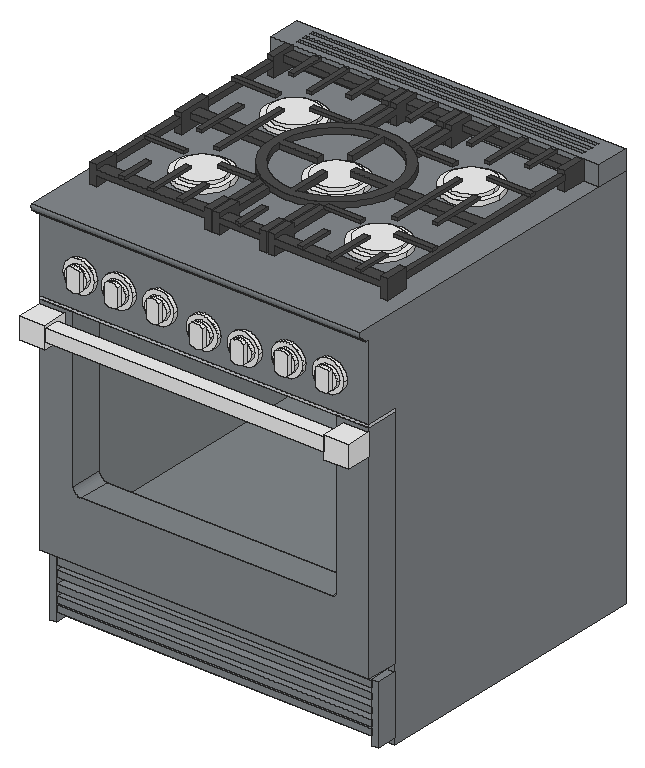
Revit family "DCS_SDA_Data_Sheet_RDV2-305_Range_ISSUE1 IMPERIAL", category Specialty Equipment, Revit 2015
Parameters
  URL = "www.yepsketch.com"
  Model = "DCS_SDA_Data_Sheet_RDV2-305_Range_ISSUE1"
  Manufacturer = "Fisher & paykel"
  Description = "D20 20000"
  Author = "Yepsketch"
Reference planes (in)
  plane 1 "Center (Front/Back)": y = 0
  plane 2: z = 0
  plane 3 "Center (Left/Right)": x = 0
  plane 4: x = 29.875
  plane 5: y = 29.125
  plane 6: z = 35.25
  plane 7: z = 37
Forms (in)
  Extrusion 1, solid, material "GRAY"
    sketch origin (0, 0, 0) x (1, 0, 0) y (0, 1, 0)
      loop
        line (0, 29.125) -> (0, 0) -> (29.875, 0) -> (29.875, 29.125) -> (0, 29.125)
    from 0 to 35.25
  Extrusion 2, solid, material "GRAY"
    sketch origin (0, 0, 0) x (1, 0, 0) y (0, 1, 0)
      loop
        line (0, 29.125) -> (0, 26.15613) -> (29.875, 26.15613) -> (29.875, 29.125) -> (0, 29.125)
      loop
        line (1.91543, 28.56292) -> (1.91543, 28.20852) -> (27.91543, 28.20852) -> (27.91543, 28.56292) -> (1.91543, 28.56292)
      loop
        line (1.91543, 27.81292) -> (1.91543, 27.45852) -> (27.91543, 27.45852) -> (27.91543, 27.81292) -> (1.91543, 27.81292)
      loop
        line (1.91543, 27.06292) -> (1.91543, 26.70852) -> (27.91543, 26.70852) -> (27.91543, 27.06292) -> (1.91543, 27.06292)
    from 35.25 to 37
  Extrusion 3, void
    sketch origin (0, 0, 0) x (0, 1, 0) y (0, 0, 1)
      loop
        line (0, 27.36615) -> (0, 0) -> (2.93348, 0) -> (2.93348, 27.36615) -> (0, 27.36615)
    from 0 to 29.875
  Extrusion 4, solid
    sketch origin (0, 0, 0) x (1, 0, 0) y (0, 0, 1)
      loop
        line (0, 27.36615) -> (0, 27.14809) -> (29.875, 27.14809) -> (29.875, 27.36615) -> (0, 27.36615)
    from -2.93348 to 0
  Extrusion 5, solid, material "GRAY"
    sketch origin (0, 0, 0) x (1, 0, 0) y (0, 0, 1)
      loop
        line (0, 27.14809) -> (0, 6.64671) -> (29.875, 6.64671) -> (29.875, 27.14809) -> (26.98744, 27.14809) -> (26.98744, 12.72131)
        arc (26.98744, 12.72131) -> (26.83211, 12.34631) -> (26.45711, 12.19098) r 0.53033
        line (26.45711, 12.19098) -> (3.70711, 12.19098)
        arc (3.70711, 12.19098) -> (3.20711, 12.39809) -> (3, 12.89809) r 0.70711
        line (3, 12.89809) -> (3, 27.14809) -> (0, 27.14809)
    from -2.93348 to 0
  Extrusion 6, void
    sketch origin (0, 0, 0) x (1, 0, 0) y (0, 0, 1)
      loop
        line (0.47745, 26.75661) -> (0.47745, 7.25661) -> (29.22745, 7.25661) -> (29.22745, 26.75661) -> (0.47745, 26.75661)
    from -28.20852 to 6
  Extrusion 7, solid, material "METAL BLACK"
    sketch origin (0, 0, 0) x (1, 0, 0) y (0, 1, 0)
      loop
        line (1.40131, 26.15613) -> (1.40131, 24.04935) -> (2.00207, 24.04935) -> (2.00207, 26.15613) -> (1.40131, 26.15613)
      loop
        line (1.40131, 16.54852) -> (1.40131, 13.54852) -> (2.00207, 13.54852) -> (2.00207, 16.54852) -> (1.40131, 16.54852)
      loop
        line (1.40131, 6.0379) -> (1.40131, 3.93112) -> (2.00207, 3.93112) -> (2.00207, 6.0379) -> (1.40131, 6.0379)
      loop
        line (11.82932, 26.15613) -> (11.82932, 24.04935) -> (12.43009, 24.04935) -> (12.43009, 26.15613) -> (11.82932, 26.15613)
      loop
        line (11.82932, 6.0379) -> (11.82932, 3.93112) -> (12.43009, 3.93112) -> (12.43009, 6.0379) -> (11.82932, 6.0379)
      loop
        line (12.57932, 26.15613) -> (12.57932, 24.04935) -> (13.18009, 24.04935) -> (13.18009, 26.15613) -> (12.57932, 26.15613)
      loop
        line (12.57932, 6.0379) -> (12.57932, 3.93112) -> (13.18009, 3.93112) -> (13.18009, 6.0379) -> (12.57932, 6.0379)
      loop
        line (16.82932, 26.15613) -> (16.82932, 24.04935) -> (17.43009, 24.04935) -> (17.43009, 26.15613) -> (16.82932, 26.15613)
      loop
        line (16.82932, 6.0379) -> (16.82932, 3.93112) -> (17.43009, 3.93112) -> (17.43009, 6.0379) -> (16.82932, 6.0379)
      loop
        line (17.57932, 26.15613) -> (17.57932, 24.04935) -> (18.18009, 24.04935) -> (18.18009, 26.15613) -> (17.57932, 26.15613)
      loop
        line (17.57932, 6.0379) -> (17.57932, 3.93112) -> (18.18009, 3.93112) -> (18.18009, 6.0379) -> (17.57932, 6.0379)
      loop
        line (27.82932, 26.15613) -> (27.82932, 24.04935) -> (28.43009, 24.04935) -> (28.43009, 26.15613) -> (27.82932, 26.15613)
      loop
        line (27.82932, 6.0379) -> (27.82932, 3.93112) -> (28.43009, 3.93112) -> (28.43009, 6.0379) -> (27.82932, 6.0379)
    from 35.25 to 37
  Extrusion 8, solid, material "METAL BLACK"
    sketch origin (0.03125, 0, 0) x (1, 0, 0) y (0, 0, 1)
      loop
        line (1.91543, 36.62539) -> (1.40131, 36.62539) -> (1.40131, 36.125) -> (1.91543, 36.125) -> (1.91543, 36.62539)
      loop
        line (28.42955, 36.62539) -> (27.91543, 36.62539) -> (27.91543, 36.125) -> (28.42955, 36.125) -> (28.42955, 36.62539)
    from -24.04935 to -6.0379
  Extrusion 9, solid, material "METAL BLACK"
    sketch origin (0, 0, 0) x (1, 0, 0) y (0, 1, 0)
      loop
        line (2.00207, 26.15613) -> (2.00207, 25.10274) -> (11.82932, 25.10274) -> (11.82932, 26.15613) -> (2.00207, 26.15613)
      loop
        line (27.82932, 25.10274) -> (27.82932, 26.15613) -> (18.18009, 26.15613) -> (18.18009, 25.10274) -> (27.82932, 25.10274)
      loop
        line (2.00207, 15.51864) -> (2.00207, 14.51864) -> (9.25207, 14.51864) -> (9.25207, 15.51864) -> (2.00207, 15.51864)
      loop
        line (27.94668, 15.51864) -> (20.59542, 15.51864) -> (20.59542, 14.51864) -> (27.94668, 14.51864) -> (27.94668, 15.51864)
      loop
        line (2.00207, 3.93112) -> (11.82932, 3.93112) -> (11.82932, 4.98451) -> (2.00207, 4.98451) -> (2.00207, 3.93112)
      loop
        line (27.82932, 4.98451) -> (18.18009, 4.98451) -> (18.18009, 3.93112) -> (27.82932, 3.93112) -> (27.82932, 4.98451)
      loop
        line (13.18009, 26.15613) -> (13.18009, 25.10274) -> (16.82932, 25.10274) -> (16.82932, 26.15613) -> (13.18009, 26.15613)
      loop
        line (13.18009, 3.93112) -> (16.82932, 3.93112) -> (16.82932, 4.98451) -> (13.18009, 4.98451) -> (13.18009, 3.93112)
    from 36.125 to 36.62539
  Extrusion 10, solid, material "METAL BLACK"
    sketch origin (0, 0, 0) x (1, 0, 0) y (0, 1, 0)
      loop
        line (11.82932, 24.04935) -> (11.82932, 19.47598) -> (12.42631, 19.82065) -> (12.42631, 24.04935) -> (11.82932, 24.04935)
      loop
        line (12.57932, 24.04935) -> (12.57932, 19.909) -> (13.17631, 20.25366) -> (13.17631, 24.04935) -> (12.57932, 24.04935)
      loop
        line (18.18009, 24.04935) -> (17.5831, 24.04935) -> (17.5831, 19.82065) -> (18.18009, 19.47598) -> (18.18009, 24.04935)
      loop
        line (17.43009, 24.04935) -> (16.8331, 24.04935) -> (16.8331, 20.25366) -> (17.43009, 19.909) -> (17.43009, 24.04935)
      loop
        line (11.82932, 5.98793) -> (12.42631, 5.98793) -> (12.42631, 10.21663) -> (11.82932, 10.5613) -> (11.82932, 5.98793)
      loop
        line (12.57932, 5.98793) -> (13.17631, 5.98793) -> (13.17631, 9.78362) -> (12.57932, 10.12829) -> (12.57932, 5.98793)
      loop
        line (18.18009, 5.98793) -> (18.18009, 10.5613) -> (17.5831, 10.21663) -> (17.5831, 5.98793) -> (18.18009, 5.98793)
      loop
        line (17.43009, 5.98793) -> (17.43009, 10.12829) -> (16.8331, 9.78362) -> (16.8331, 5.98793) -> (17.43009, 5.98793)
    from 36.125 to 36.62539
  Extrusion 11, solid, material "METAL BLACK"
    sketch origin (0, 0, 0) x (1, 0, 0) y (0, 1, 0)
      loop
        circle (14.92374, 15.01864) r 5.75
      loop
        arc (14.7243, 20.01466) -> (11.40425, 18.57014) -> (9.92973, 15.26331) r 5
        line (9.92973, 15.26331) -> (13.4743, 15.26331) -> (13.4743, 14.72481) -> (9.93239, 14.72481)
        arc (9.93239, 14.72481) -> (11.42178, 11.44985) -> (14.7243, 10.02262) r 5
        line (14.7243, 10.02262) -> (14.7243, 13.52768) -> (15.2243, 13.52768) -> (15.2243, 10.02768)
        arc (15.2243, 10.02768) -> (18.46166, 11.48549) -> (19.9151, 14.72481) r 5
        line (19.9151, 14.72481) -> (16.4743, 14.72481) -> (16.4743, 15.26331) -> (19.91775, 15.26331)
        arc (19.91775, 15.26331) -> (18.47901, 18.53433) -> (15.2243, 20.0096) r 5
        line (15.2243, 20.0096) -> (15.2243, 16.5096) -> (14.7243, 16.5096) -> (14.7243, 20.01466)
    from 36.37551 to 36.87317
  Extrusion 12, solid, material "METAL BLACK"
    sketch origin (0, 0, 0) x (1, 0, 0) y (0, 1, 0)
      loop
        line (4.02448, 26.15613) -> (4.02448, 23.15613) -> (4.52448, 23.15613) -> (4.52448, 26.15613) -> (4.02448, 26.15613)
      loop
        line (6.65465, 26.15613) -> (6.65465, 21.90613) -> (7.15465, 21.90613) -> (7.15465, 26.15613) -> (6.65465, 26.15613)
      loop
        line (9.78483, 26.15613) -> (9.28483, 26.15613) -> (9.28483, 23.15613) -> (9.78483, 23.15613) -> (9.78483, 26.15613)
      loop
        line (4.02448, 3.94091) -> (4.52448, 3.94091) -> (4.52448, 6.94091) -> (4.02448, 6.94091) -> (4.02448, 3.94091)
      loop
        line (6.65465, 3.94091) -> (7.15465, 3.94091) -> (7.15465, 8.19091) -> (6.65465, 8.19091) -> (6.65465, 3.94091)
      loop
        line (9.78483, 3.94091) -> (9.78483, 6.94091) -> (9.28483, 6.94091) -> (9.28483, 3.94091) -> (9.78483, 3.94091)
      loop
        line (1.43256, 20.49342) -> (1.43256, 19.99342) -> (5.43256, 19.99342) -> (5.43256, 20.49342) -> (1.43256, 20.49342)
      loop
        line (11.82932, 20.49342) -> (8.48726, 20.49342) -> (8.48726, 19.99342) -> (11.82932, 19.99342) -> (11.82932, 20.49342)
      loop
        line (4.02448, 17.41645) -> (4.02448, 12.70585) -> (4.52448, 12.70585) -> (4.52448, 17.41645) -> (4.02448, 17.41645)
      loop
        line (6.65465, 18.7413) -> (6.65465, 11.4178) -> (7.15465, 11.4178) -> (7.15465, 18.7413) -> (6.65465, 18.7413)
      loop
        line (1.94668, 9.99855) -> (1.94668, 9.49855) -> (5.44668, 9.49855) -> (5.44668, 9.99855) -> (1.94668, 9.99855)
      loop
        line (11.82932, 9.99855) -> (8.51979, 9.99855) -> (8.51979, 9.49855) -> (11.82932, 9.49855) -> (11.82932, 9.99855)
      loop
        line (25.98493, 26.15613) -> (25.48493, 26.15613) -> (25.48493, 23.15613) -> (25.98493, 23.15613) -> (25.98493, 26.15613)
      loop
        line (23.35475, 26.15613) -> (22.85475, 26.15613) -> (22.85475, 21.90613) -> (23.35475, 21.90613) -> (23.35475, 26.15613)
      loop
        line (20.22458, 26.15613) -> (20.22458, 23.15613) -> (20.72458, 23.15613) -> (20.72458, 26.15613) -> (20.22458, 26.15613)
      loop
        line (25.98493, 3.94091) -> (25.98493, 6.94091) -> (25.48493, 6.94091) -> (25.48493, 3.94091) -> (25.98493, 3.94091)
      loop
        line (23.35475, 3.94091) -> (23.35475, 8.19091) -> (22.85475, 8.19091) -> (22.85475, 3.94091) -> (23.35475, 3.94091)
      loop
        line (20.22458, 3.94091) -> (20.72458, 3.94091) -> (20.72458, 6.94091) -> (20.22458, 6.94091) -> (20.22458, 3.94091)
      loop
        line (28.57685, 20.49342) -> (24.57685, 20.49342) -> (24.57685, 19.99342) -> (28.57685, 19.99342) -> (28.57685, 20.49342)
      loop
        line (18.18009, 20.49342) -> (18.18009, 19.99342) -> (21.52215, 19.99342) -> (21.52215, 20.49342) -> (18.18009, 20.49342)
      loop
        line (25.98493, 17.41645) -> (25.48493, 17.41645) -> (25.48493, 12.70585) -> (25.98493, 12.70585) -> (25.98493, 17.41645)
      loop
        line (23.35475, 18.7413) -> (22.85475, 18.7413) -> (22.85475, 11.4178) -> (23.35475, 11.4178) -> (23.35475, 18.7413)
      loop
        line (28.06273, 9.99855) -> (24.56273, 9.99855) -> (24.56273, 9.49855) -> (28.06273, 9.49855) -> (28.06273, 9.99855)
      loop
        line (18.18009, 9.99855) -> (18.18009, 9.49855) -> (21.48962, 9.49855) -> (21.48962, 9.99855) -> (18.18009, 9.99855)
      loop
        line (14.65002, 26.15613) -> (14.65002, 23.15613) -> (15.16233, 23.15613) -> (15.16233, 26.15613) -> (14.65002, 26.15613)
      loop
        line (14.65002, 3.88115) -> (15.16233, 3.88115) -> (15.16233, 6.88115) -> (14.65002, 6.88115) -> (14.65002, 3.88115)
    from 36.62539 to 36.87317
  Extrusion 13, solid, material "ALUMINIUM"
    sketch origin (0, 0, 0) x (1, 0, 0) y (0, 1, 0)
      loop
        circle (6.95991, 20.24342) r 2.5
    from 35.25 to 35.66291
  Extrusion 14, solid, material "ALUMINIUM"
    sketch origin (0, 0, 0) x (1, 0, 0) y (0, 1, 0)
      loop
        circle (6.95991, 20.24342) r 2
    from 35.66291 to 35.94025
  Extrusion 15, solid, material "ALUMINIUM"
    sketch origin (0, -10.5, 0) x (1, 0, 0) y (0, 1, 0)
      loop
        circle (6.95991, 20.24342) r 2.5
    from 35.25 to 35.66291
  Extrusion 16, solid, material "ALUMINIUM"
    sketch origin (0, -10.5, 0) x (1, 0, 0) y (0, 1, 0)
      loop
        circle (6.95991, 20.24342) r 2
    from 35.66291 to 35.94025
  Extrusion 17, solid, material "ALUMINIUM"
    sketch origin (16.07548, -10.5, 0) x (1, 0, 0) y (0, 1, 0)
      loop
        circle (6.95991, 20.24342) r 2.5
    from 35.25 to 35.66291
  Extrusion 18, solid, material "ALUMINIUM"
    sketch origin (16.07548, -10.5, 0) x (1, 0, 0) y (0, 1, 0)
      loop
        circle (6.95991, 20.24342) r 2
    from 35.66291 to 35.94025
  Extrusion 19, solid, material "ALUMINIUM"
    sketch origin (16.07548, 0, 0) x (1, 0, 0) y (0, 1, 0)
      loop
        circle (6.95991, 20.24342) r 2.5
    from 35.25 to 35.66291
  Extrusion 20, solid, material "ALUMINIUM"
    sketch origin (16.07548, 0, 0) x (1, 0, 0) y (0, 1, 0)
      loop
        circle (6.95991, 20.24342) r 2
    from 35.66291 to 35.94025
  Extrusion 21, solid, material "ALUMINIUM"
    sketch origin (7.98704, -5.24936, 0) x (1, 0, 0) y (0, 1, 0)
      loop
        circle (6.95991, 20.24342) r 2.5
    from 35.25 to 35.66291
  Extrusion 22, solid, material "ALUMINIUM"
    sketch origin (7.98704, -5.24936, 0) x (1, 0, 0) y (0, 1, 0)
      loop
        circle (6.95991, 20.24342) r 2
    from 35.66291 to 35.94025
  Extrusion 23, solid, material "BLACK"
    sketch origin (0, 0, 0) x (1, 0, 0) y (0, 0, 1)
      loop
        line (26.98744, 27.14809) -> (3, 27.14809) -> (3, 12.89809)
        arc (3, 12.89809) -> (3.20711, 12.39809) -> (3.70711, 12.19098) r 0.70711
        line (3.70711, 12.19098) -> (26.45711, 12.19098)
        arc (26.45711, 12.19098) -> (26.83211, 12.34631) -> (26.98744, 12.72131) r 0.53033
        line (26.98744, 12.72131) -> (26.98744, 27.14809)
    from -2.93348 to 0
  Extrusion 24, solid, material "ALUMINIUM"
    sketch origin (0, 0, 0) x (1, 0, 0) y (0, 0, 1)
      loop
        circle (3.76417, 30.39382) r 1.4235
    from 0 to 0.32078
  Extrusion 25, solid, material "GRAY"
    sketch origin (0, 0, 0) x (0, 1, 0) y (0, 0, 1)
      loop
        line (0, 35.25) -> (-1, 35.25)
        arc (-1, 35.25) -> (-0.99489, 34.92572) -> (-0.79409, 34.67104) r 0.50643
        line (-0.79409, 34.67104) -> (-0.36141, 34.23836) -> (0, 34.23836) -> (0, 35.25)
    from 0 to 29.875
  Extrusion 26, solid, material "ALUMINIUM"
    sketch origin (0, 0, 0) x (1, 0, 0) y (0, 0, 1)
      loop
        circle (3.76417, 30.39382) r 1
    from 0.32078 to 0.63664
  Extrusion 27, solid, material "ALUMINIUM"
    sketch origin (0, 0, 0) x (1, 0, 0) y (0, 0, 1)
      loop
        line (3.17976, 31.20529) -> (3.17976, 29.58236)
        arc (3.17976, 29.58236) -> (3.76417, 29.39382) -> (4.34857, 29.58236) r 1
        line (4.34857, 29.58236) -> (4.34857, 31.20529)
        arc (4.34857, 31.20529) -> (3.76417, 31.39382) -> (3.17976, 31.20529) r 1
    from 0.63664 to 0.98489
  Extrusion 28, solid, material "ALUMINIUM"
    sketch origin (3.5, 0, 0) x (1, 0, 0) y (0, 0, 1)
      loop
        circle (3.76417, 30.39382) r 1.4235
    from 0 to 0.32078
  Extrusion 29, solid, material "ALUMINIUM"
    sketch origin (3.5, 0, 0) x (1, 0, 0) y (0, 0, 1)
      loop
        circle (3.76417, 30.39382) r 1
    from 0.32078 to 0.63664
  Extrusion 30, solid, material "ALUMINIUM"
    sketch origin (3.5, 0, 0) x (1, 0, 0) y (0, 0, 1)
      loop
        line (3.17976, 31.20529) -> (3.17976, 29.58236)
        arc (3.17976, 29.58236) -> (3.76417, 29.39382) -> (4.34857, 29.58236) r 1
        line (4.34857, 29.58236) -> (4.34857, 31.20529)
        arc (4.34857, 31.20529) -> (3.76417, 31.39382) -> (3.17976, 31.20529) r 1
    from 0.63664 to 0.98489
  Extrusion 31, solid, material "ALUMINIUM"
    sketch origin (7.25, 0, 0) x (1, 0, 0) y (0, 0, 1)
      loop
        circle (3.76417, 30.39382) r 1.4235
    from 0 to 0.32078
  Extrusion 32, solid, material "ALUMINIUM"
    sketch origin (7.25, 0, 0) x (1, 0, 0) y (0, 0, 1)
      loop
        circle (3.76417, 30.39382) r 1
    from 0.32078 to 0.63664
  Extrusion 33, solid, material "ALUMINIUM"
    sketch origin (7.25, 0, 0) x (1, 0, 0) y (0, 0, 1)
      loop
        line (3.17976, 31.20529) -> (3.17976, 29.58236)
        arc (3.17976, 29.58236) -> (3.76417, 29.39382) -> (4.34857, 29.58236) r 1
        line (4.34857, 29.58236) -> (4.34857, 31.20529)
        arc (4.34857, 31.20529) -> (3.76417, 31.39382) -> (3.17976, 31.20529) r 1
    from 0.63664 to 0.98489
  Extrusion 34, solid, material "ALUMINIUM"
    sketch origin (11.20075, 0, -0.62574) x (1, 0, 0) y (0, 0, 1)
      loop
        circle (3.76417, 30.39382) r 1.4235
    from 0 to 0.32078
  Extrusion 35, solid, material "ALUMINIUM"
    sketch origin (11.20075, 0, -0.62574) x (1, 0, 0) y (0, 0, 1)
      loop
        circle (3.76417, 30.39382) r 1
    from 0.32078 to 0.63664
  Extrusion 36, solid, material "ALUMINIUM"
    sketch origin (11.20075, 0, -0.62574) x (1, 0, 0) y (0, 0, 1)
      loop
        line (3.17976, 31.20529) -> (3.17976, 29.58236)
        arc (3.17976, 29.58236) -> (3.76417, 29.39382) -> (4.34857, 29.58236) r 1
        line (4.34857, 29.58236) -> (4.34857, 31.20529)
        arc (4.34857, 31.20529) -> (3.76417, 31.39382) -> (3.17976, 31.20529) r 1
    from 0.63664 to 0.98489
  Extrusion 37, solid, material "ALUMINIUM"
    sketch origin (14.95075, 0, -0.62574) x (1, 0, 0) y (0, 0, 1)
      loop
        circle (3.76417, 30.39382) r 1.4235
    from 0 to 0.32078
  Extrusion 38, solid, material "ALUMINIUM"
    sketch origin (14.95075, 0, -0.62574) x (1, 0, 0) y (0, 0, 1)
      loop
        circle (3.76417, 30.39382) r 1
    from 0.32078 to 0.63664
  Extrusion 39, solid, material "ALUMINIUM"
    sketch origin (14.95075, 0, -0.62574) x (1, 0, 0) y (0, 0, 1)
      loop
        line (3.17976, 31.20529) -> (3.17976, 29.58236)
        arc (3.17976, 29.58236) -> (3.76417, 29.39382) -> (4.34857, 29.58236) r 1
        line (4.34857, 29.58236) -> (4.34857, 31.20529)
        arc (4.34857, 31.20529) -> (3.76417, 31.39382) -> (3.17976, 31.20529) r 1
    from 0.63664 to 0.98489
  Extrusion 40, solid, material "ALUMINIUM"
    sketch origin (18.92094, 0, -0.13826) x (1, 0, 0) y (0, 0, 1)
      loop
        circle (3.76417, 30.39382) r 1.4235
    from 0 to 0.32078
  Extrusion 41, solid, material "ALUMINIUM"
    sketch origin (18.92094, 0, -0.13826) x (1, 0, 0) y (0, 0, 1)
      loop
        circle (3.76417, 30.39382) r 1
    from 0.32078 to 0.63664
  Extrusion 42, solid, material "ALUMINIUM"
    sketch origin (18.92094, 0, -0.13826) x (1, 0, 0) y (0, 0, 1)
      loop
        line (3.17976, 31.20529) -> (3.17976, 29.58236)
        arc (3.17976, 29.58236) -> (3.76417, 29.39382) -> (4.34857, 29.58236) r 1
        line (4.34857, 29.58236) -> (4.34857, 31.20529)
        arc (4.34857, 31.20529) -> (3.76417, 31.39382) -> (3.17976, 31.20529) r 1
    from 0.63664 to 0.98489
  Extrusion 43, solid, material "ALUMINIUM"
    sketch origin (22.67094, 0, -0.13826) x (1, 0, 0) y (0, 0, 1)
      loop
        circle (3.76417, 30.39382) r 1.4235
    from 0 to 0.32078
  Extrusion 44, solid, material "ALUMINIUM"
    sketch origin (22.67094, 0, -0.13826) x (1, 0, 0) y (0, 0, 1)
      loop
        circle (3.76417, 30.39382) r 1
    from 0.32078 to 0.63664
  Extrusion 45, solid, material "ALUMINIUM"
    sketch origin (22.67094, 0, -0.13826) x (1, 0, 0) y (0, 0, 1)
      loop
        line (3.17976, 31.20529) -> (3.17976, 29.58236)
        arc (3.17976, 29.58236) -> (3.76417, 29.39382) -> (4.34857, 29.58236) r 1
        line (4.34857, 29.58236) -> (4.34857, 31.20529)
        arc (4.34857, 31.20529) -> (3.76417, 31.39382) -> (3.17976, 31.20529) r 1
    from 0.63664 to 0.98489
  Extrusion 46, solid, material "GRAY"
    sketch origin (0, 0, -0.125) x (1, 0, 0) y (0, 0, 1)
      loop
        line (0.62519, 6.06764) -> (0, 6.06764) -> (0, 0.67646) -> (0.62519, 0.67646) -> (0.62519, 6.06764)
      loop
        line (29.24981, 6.06764) -> (29.24981, 0.67646) -> (29.875, 0.67646) -> (29.875, 6.06764) -> (29.24981, 6.06764)
    from -2.93348 to -1.06218
  Extrusion 47, solid, material "GRAY"
    sketch origin (0, 0, 0) x (1, 0, 0) y (0, 0, 1)
      loop
        line (0.62519, 5.82763) -> (0.62519, 5.25136) -> (29.24981, 5.25136) -> (29.24981, 5.82763) -> (0.62519, 5.82763)
      loop
        line (0.62519, 4.82763) -> (0.62519, 4.25136) -> (29.24981, 4.25136) -> (29.24981, 4.82763) -> (0.62519, 4.82763)
      loop
        line (0.62519, 3.69161) -> (0.62519, 3.11535) -> (29.24981, 3.11535) -> (29.24981, 3.69161) -> (0.62519, 3.69161)
      loop
        line (0.62519, 2.69161) -> (0.62519, 2.11535) -> (29.24981, 2.11535) -> (29.24981, 2.69161) -> (0.62519, 2.69161)
      loop
        line (0.62519, 1.94161) -> (0.62519, 1.36535) -> (29.24981, 1.36535) -> (29.24981, 1.94161) -> (0.62519, 1.94161)
    from -2.93348 to -1.06218
  Extrusion 48, solid, material "ALUMINIUM"
    sketch origin (0, 0, 0) x (1, 0, 0) y (0, 0, 1)
      loop
        line (0, 26.74404) -> (0, 24.74404) -> (2.25, 24.74404) -> (2.25, 26.74404) -> (0, 26.74404)
      loop
        line (29.875, 26.74404) -> (27.625, 26.74404) -> (27.625, 24.74404) -> (29.875, 24.74404) -> (29.875, 26.74404)
    from 0 to 2.2779
  Extrusion 49, solid, material "ALUMINIUM"
    sketch origin (0, 0, 0) x (1, 0, 0) y (0, 0, 1)
      loop
        line (2.25, 26.547) -> (2.25, 25.37088) -> (27.625, 25.37088) -> (27.625, 26.547) -> (2.25, 26.547)
    from 0.98489 to 2.2779
Cuts and joins
  Extrusion 3, Extrusion 6 cuts Extrusion 1
  joined: Extrusion 1, Extrusion 25
  joined: Extrusion 7, Extrusion 8, Extrusion 9, Extrusion 10, Extrusion 11, Extrusion 12
  joined: Extrusion 13, Extrusion 14, Extrusion 15, Extrusion 16, Extrusion 17, Extrusion 18, Extrusion 19, Extrusion 20, Extrusion 21, Extrusion 22
Dimensions and locks (in)
  aligned and locked: level to plane 2
